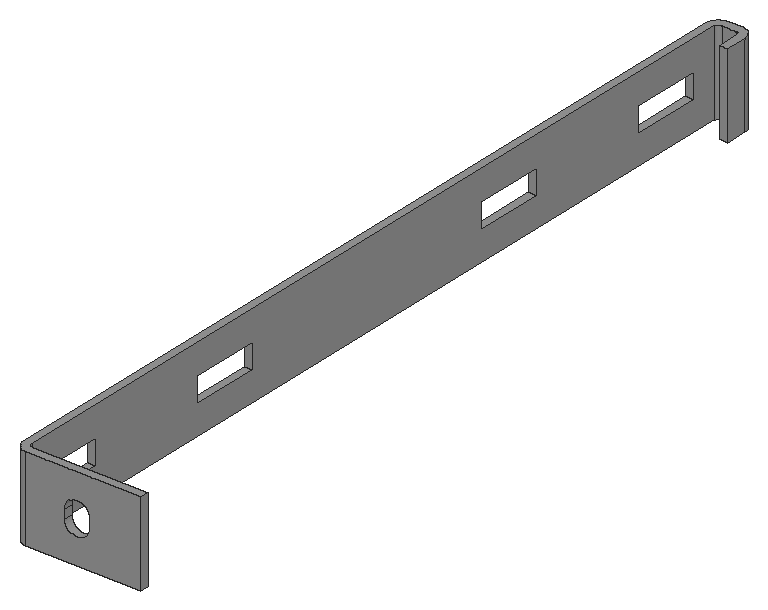
Revit family "Abhängebügel- AHB 14 314 FT", category Generic Models, Revit 2017
Family settings
  Can host rebar = No
  Round Connector Dimension = Use Diameter
  Part Type = Normal
  Work Plane-Based = No
  Always vertical = Yes
  Cut with Voids When Loaded = No
  Shared = No
  Room Calculation Point = No
Parameters (values of type "AHB 14 314 FT")
  URL = "http://www.obo-bettermann.com"
  Material = Hot-dip galvanised
  Manufacturer Art.No. = "6363884"
  Manufacturer = "OBO BETTERMANN"
  GTIN = "4012196690596"
  Cut's number = 2
  Article Type = "AHB 14 314 FT"
Reference planes
  plane 1 "Center (Front/Back)": y = 0
  plane 2: z = 0
  plane 3 "Center (Left/Right)": x = 0
  plane 4: x = 45.5
  plane 5: y = 313.5
  plane 6: x = 14
  plane 7: y = 308.968
  plane 8: z = 30
  plane 9: x = 22.75
  plane 10: z = 15
  plane 11: y = 20.5
  plane 12: z = 15
  plane 13: y = 90.5
  plane 14: z = 15
  plane 15: y = 300
  plane 16: y = 313.5
  plane 17: z = 15
  plane 18: y = 230
  plane 19: y = 243.5
  plane 20: z = 15
Forms (mm)
  Extrusion 1, solid, material "Hot-dip galvanised" <- "Material"
    sketch origin (0, 0, 0) x (1, 0, 0) y (0, 1, 0)
      loop
        line (4.5, 0) -> (45.5, 0) -> (45.5, 3) -> (4.5, 3)
        arc (4.5, 3) -> (3.439, 3.439) -> (3, 4.5) r 1.5
        line (3, 4.5) -> (3, 309)
        arc (3, 309) -> (3.439, 310.061) -> (4.5, 310.5) r 1.5
        line (4.5, 310.5) -> (9.5, 310.5)
        arc (9.5, 310.5) -> (10.561, 310.061) -> (11, 309) r 1.5
        line (11, 309) -> (11, 301.468) -> (14, 301.468) -> (14, 309)
        arc (14, 309) -> (12.682, 312.182) -> (9.5, 313.5) r 4.5
        line (9.5, 313.5) -> (4.5, 313.5)
        arc (4.5, 313.5) -> (1.318, 312.182) -> (0, 309) r 4.5
        line (0, 309) -> (0, 4.5)
        arc (0, 4.5) -> (1.318, 1.318) -> (4.5, 0) r 4.5
    from 0 to 30
  Extrusion 2, void
    sketch origin (0, 0, 0) x (1, 0, 0) y (0, 0, 1)
      loop
        line (27.25, 13.5) -> (27.25, 16.5)
        arc (27.25, 16.5) -> (22.75, 21) -> (18.25, 16.5) r 4.5
        line (18.25, 16.5) -> (18.25, 13.5)
        arc (18.25, 13.5) -> (22.75, 9) -> (27.25, 13.5) r 4.5
    from 0 to -3
  Extrusion 3, void
    sketch origin (0, 0, 0) x (0, 1, 0) y (0, 0, 1)
      loop
        line (8, 19.499) -> (8, 10.499) -> (33, 10.499) -> (33, 19.499) -> (8, 19.499)
    from 0 to 3
  Extrusion 4, void
    sketch origin (0, 70, 0) x (0, 1, 0) y (0, 0, 1)
      loop
        line (8, 19.499) -> (8, 10.499) -> (33, 10.499) -> (33, 19.499) -> (8, 19.499)
    from 0 to 3
  Extrusion 5, void
    sketch origin (0, 0, 0) x (0, 1, 0) y (0, 0, 1)
      loop
        line (275, 19.5) -> (275, 10.5) -> (300, 10.5) -> (300, 19.5) -> (275, 19.5)
    from 0 to 3
  Extrusion 6, void
    sketch origin (0, -70, 0) x (0, 1, 0) y (0, 0, 1)
      loop
        line (275, 19.5) -> (275, 10.5) -> (300, 10.5) -> (300, 19.5) -> (275, 19.5)
    from 0 to 3
Cuts and joins
  Extrusion 2, Extrusion 3, Extrusion 4, Extrusion 5, Extrusion 6 cuts Extrusion 1
Dimensions and locks
  locked: plane 1 "Center (Front/Back)" to plane 5 at 313.5
  locked: Extrusion 1 sketch curve to plane 6 at 14
  locked: plane 7 to Extrusion 1 sketch curve at 7.5
  locked: Extrusion 1 sketch curve to Extrusion 1 sketch curve at 12.032
  locked: Extrusion 1 sketch curve to Extrusion 1 sketch curve at 45.5
  locked: Extrusion 1 sketch curve to Extrusion 1 sketch curve at 313.5
  locked: Extrusion 1 sketch curve to Extrusion 1 sketch curve at 3  (x4)
  locked: Extrusion 1 sketch curve to Extrusion 1 sketch curve at 14
  locked: plane 8 to level at 30
  locked: Extrusion 1 to plane 9 at 22.75
  locked: Extrusion 2 sketch curve to Extrusion 2 sketch curve at 9
  locked: plane 9 to Extrusion 2 sketch curve at 4.5
  locked: plane 10 to Extrusion 2 sketch curve at 6
  locked: Extrusion 2 sketch curve to plane 10 at 6
  locked: Extrusion 3 sketch curve to Extrusion 3 sketch curve at 9
  locked: Extrusion 3 sketch curve to plane 12 at 4.499
  locked: plane 11 to Extrusion 3 sketch curve at 12.5
  locked: Extrusion 3 sketch curve to plane 11 at 12.5
  locked: Extrusion 4 sketch curve to Extrusion 4 sketch curve at 9
  locked: Extrusion 4 sketch curve to plane 14 at 4.499
  locked: plane 13 to Extrusion 4 sketch curve at 12.5
  locked: Extrusion 4 sketch curve to plane 13 at 12.5
  locked: plane 15 to plane 16 at 13.5
  locked: Extrusion 5 sketch curve to Extrusion 5 sketch curve at 25
  locked: Extrusion 5 sketch curve to Extrusion 5 sketch curve at 9
  locked: plane 17 to Extrusion 5 sketch curve at 4.5
  locked: plane 18 to plane 19 at 13.5
  locked: Extrusion 6 sketch curve to Extrusion 6 sketch curve at 25
  locked: Extrusion 6 sketch curve to Extrusion 6 sketch curve at 9
  locked: plane 20 to Extrusion 6 sketch curve at 4.5
  aligned and locked: level to plane 2
  aligned and locked: plane 1 "Center (Front/Back)" to Extrusion 1 sketch curve
  aligned and locked: Extrusion 1 to plane 3 "Center (Left/Right)"
  aligned and locked: plane 1 "Center (Front/Back)" to Extrusion 1
  aligned and locked: plane 8 to Extrusion 1
  aligned and locked: Extrusion 1 to level
  aligned and locked: Extrusion 1 to Extrusion 2
  aligned and locked: plane 1 "Center (Front/Back)" to Extrusion 2
  aligned and locked: Extrusion 5 sketch curve to plane 15
  aligned and locked: Extrusion 6 sketch curve to plane 18
  aligned and locked: Extrusion 1 to Extrusion 3
  aligned and locked: Extrusion 1 to Extrusion 4
  aligned and locked: Extrusion 1 to Extrusion 6
  aligned and locked: Extrusion 1 to Extrusion 5
Automatic sketch dimensions
  Extrusion 1 sketch curve to Extrusion 1 sketch curve = 0 mm  (x3)
  plane 3 "Center (Left/Right)" to Extrusion 1 sketch curve = 4.5 mm
  Extrusion 1 sketch curve to Extrusion 1 sketch curve = 1.5 mm
  plane 7 to Extrusion 1 sketch curve = 0.032 mm
